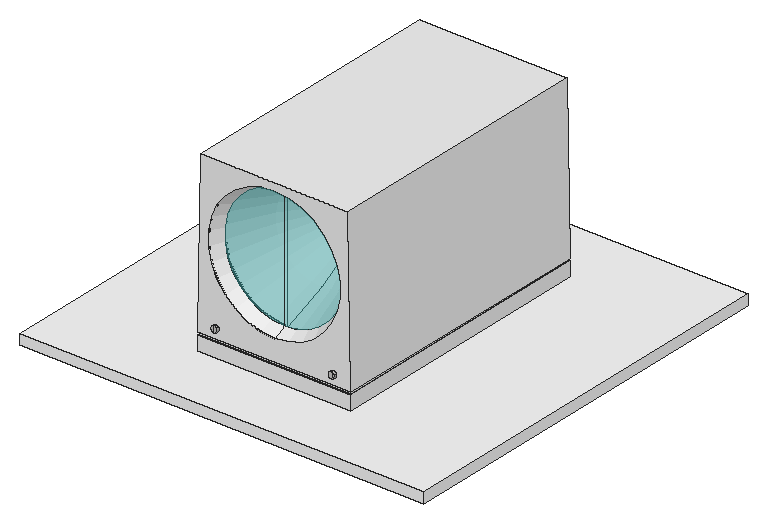
Revit family "BE_24593_de_DE", category Leuchten, Revit 2015
Parameters (values of type "BEGA_24593_Weiß_K4")
  built-in parameter 1150104 = 12.443 (stored number, unit not read)
  Wattage = 33 W
  Default Elevation = 0 mm
  built-in parameter 1150113 = 1 (stored number, unit not read)
  built-in parameter 1114218 = 1 (stored number, unit not read)
  Umgebungstemperatur = "25 °C"
  URL = "http://www.bega.de/produkt/24593"
  Typenkommentare = "© 2016 BEGA. Wir behalten uns das Recht vor, technische Änderungen ohne vorherige Ankündigung vorzunehmen."  # constant formula
  Type Image = 24593.png
  built-in parameter 1150134 = 12
  built-in parameter 1150109 = 1 (stored number, unit not read)
  Strom = ""
  built-in parameter 1150110 = 1 (stored number, unit not read)
  Spannung = 239.996 V
  Sonderanfertigung = no
  Seriennummer [instance] = "Hier können Sie die eindeutige Seriennummer für das Facility Management eintragen."
  Schutzklasse = "I"
  Schutzart = "IP 64"
  Scheinlast = 0 VA
  Produktdatenblatt = "http://www.bega.de/download/Xrfa/db/24593.db.de.pdf"
  Oberflächentemperatur = ""
  Neigungswinkel = 0.00°
  Modell = "24593WK4"
  Material_17 = BEGA_Reflektor
  Material_15 = BEGA_Leuchtmedium_matt
  Material_11 = BEGA_Glas_opal
  Material_09 = BEGA_Glas_klar
  Material_06 = BEGA_Oberfläche_Edelstahl_gebürstet
  Material_03 = BEGA_Oberfläche_Weiss_matt
  Material_02 = BEGA_Oberfläche_Silber_matt
  Material_01 [instance] = BEGA_Oberfläche_Grafit_matt
  M_W = yes
  M_G = no
  M_A = no
  Logo = 0
  built-in parameter 1114217 = 1 (stored number, unit not read)
  built-in parameter 1150139 = (empty or 0)
  built-in parameter 1150105 = 351.73 (stored number, unit not read)
  built-in parameter 1150114 = 1 (stored number, unit not read)
  Lumens = 4420.02 lm
  built-in parameter 1150115 = 1 (stored number, unit not read)
  Leuchtenlichtstrom = "3155 lm"
  Leuchtenanzahl = ""
  Lebensdauerkriterien = "L70 = 50.000 h"
  Lastklassifizierung = Beleuchtung
  built-in parameter 1150112 = 1 (stored number, unit not read)
  Lampenlichtstrom = "4420 lm"
  Lampe = "LED 33 W"
  LED_Modulbezeichnung = "2x LED-0683/840"
  built-in parameter 1150142 = (empty or 0)
  Hersteller = "BEGA"  # constant formula
  Halbstreuwinkel = ""
  Gewicht = "3.3 kg"
  Gebrauchslageneinschränkung [instance] = ""
  Frequenz = "0/50-60 Hz"
  Farbwiedergabeindex = "Ra > 80"
  Farbtemperaturverschiebung bei Dämpfen der Lampe = <Keine Auswahl>
  Farbtemperatur = "4000 K"
  Color Filter = 16777215
  built-in parameter 1150133 = 10 (stored number, unit not read)
  Energieeffizienzklasse = "LED A++ - A"
  built-in parameter 1150137 = (empty or 0)
  built-in parameter 1150132 = (empty or 0)
  ENEC = ""
  Dimmbar [instance] = "DALI"
  Datei für fotometrisches Netz = "BE_24593K4.IES"
  CE_Konformität = "ja"
  Bestellnummer = "24593WK4"
  Beschreibung_Sonderanfertigung = "Hier können Sie Informationen zur Sonderanfertigung eintragen."
  Beschreibung = "Wandleuchte"
  built-in parameter 1150106 = 3.5173 (stored number, unit not read)
  Befestigungsbohrung = "Ø 6 mm"
  Befestigungsabstand = "125 mm"
  Ballwurfsicher = ""
  BEGA_Intern_aus = yes
  BEGA_Intern_an = yes
  BEGA_Intern_Konstruktion = yes
  BEGA_Intern = yes
  BEGA_IES = yes
  BEGA_Dummy = no
  Anschlussleitung = ""
  Anschlussleistung [instance] = "38.4 W"
  built-in parameter 1150107 = 4000 (stored number, unit not read)
  built-in parameter 1150102 = (empty or 0)
  built-in parameter 1150138 = (empty or 0)
  Aktualisierung = "2016-10-24T04:21:34"
  Abstand_zur_angestrahlten_Fläche [instance] = ""
  AC/DC = "AC/DC"
Types (6, lengths in mm): name | built-in parameter 1150104 | built-in parameter 1150134 | Modell | M_W | M_G | M_A | built-in parameter 1150105 | Lumens | Leuchtenlichtstrom | Lampenlichtstrom | LED_Modulbezeichnung | Farbtemperatur | Datei für fotometrisches Netz | Bestellnummer | built-in parameter 1150106 | built-in parameter 1150107
  BEGA_24593_Grafit_K4 | 12.443 (stored number, unit not read) | 12 | "24593K4" | no | yes | no | 351.73 (stored number, unit not read) | 4420.02 lm | "3155 lm" | "4420 lm" | "2x LED-0683/840" | "4000 K" | "BE_24593K4.IES" | "24593K4" | 3.5173 (stored number, unit not read) | 4000 (stored number, unit not read)
  BEGA_24593_Silber_K4 | 12.443 (stored number, unit not read) | 12 | "24593AK4" | no | no | yes | 351.73 (stored number, unit not read) | 4420.02 lm | "3155 lm" | "4420 lm" | "2x LED-0683/840" | "4000 K" | "BE_24593K4.IES" | "24593AK4" | 3.5173 (stored number, unit not read) | 4000 (stored number, unit not read)
  BEGA_24593_Silber_K3 | 11.824 (stored number, unit not read) | (empty or 0) | "24593A" | no | no | yes | 334.22 (stored number, unit not read) | 4199.91 lm | "2998 lm" | "4200 lm" | "2x LED-0683/830" | "3000 K" | "BE_24593.IES" | "24593A" | 3.3422 (stored number, unit not read) | 3000 (stored number, unit not read)
  BEGA_24593_Weiß_K3 | 11.824 (stored number, unit not read) | (empty or 0) | "24593W" | yes | no | no | 334.22 (stored number, unit not read) | 4199.91 lm | "2998 lm" | "4200 lm" | "2x LED-0683/830" | "3000 K" | "BE_24593.IES" | "24593W" | 3.3422 (stored number, unit not read) | 3000 (stored number, unit not read)
  BEGA_24593_Weiß_K4 | 12.443 (stored number, unit not read) | 12 | "24593WK4" | yes | no | no | 351.73 (stored number, unit not read) | 4420.02 lm | "3155 lm" | "4420 lm" | "2x LED-0683/840" | "4000 K" | "BE_24593K4.IES" | "24593WK4" | 3.5173 (stored number, unit not read) | 4000 (stored number, unit not read)
  BEGA_24593_Grafit_K3 | 11.824 (stored number, unit not read) | (empty or 0) | "24593" | no | yes | no | 334.22 (stored number, unit not read) | 4199.91 lm | "2998 lm" | "4200 lm" | "2x LED-0683/830" | "3000 K" | "BE_24593.IES" | "24593" | 3.3422 (stored number, unit not read) | 3000 (stored number, unit not read)
Reference planes
  plane 1 "Mitte (Vorne/Hinten)": y = 0
  plane 2: z = 0
  plane 3 "Mitte (Links/Rechts)": x = 0
  plane 4 "Links": x = -75.806
  plane 5 "Rechts": x = 75.806
  plane 6 "Unten": y = -135.253
  plane 7 "Oben": y = 135.253
  plane 8 "Vorne": z = 175.5
  plane 9 "Hinten": z = 0
Forms (mm)
  Extrusion 1, solid, material "BEGA_Platte_Weiss"
    sketch origin (0, -1119.2, 0) x (1, 0, 0) y (0, 1, 0)
      loop
        line (-200, 1319.2) -> (-200, 919.2) -> (200, 919.2) -> (200, 1319.2) -> (-200, 1319.2)
    from 0 to -10
  Extrusion 2, solid, material "BEGA_Dummy_matt", visible <- "BEGA_Dummy"
    sketch origin (57.209, -76.276, 0) x (1, 0, 0) y (0, 1, 0)
      loop
        line (-133.015, 211.276) -> (-133.015, -58.977) -> (18.597, -58.977) -> (18.597, 211.276) -> (-133.015, 211.276)
    from 0 to 175.5
Dimensions and locks
  plane 1 "Mitte (Vorne/Hinten)" to Extrusion 1 = 200 mm
  aligned and locked: plane 2 to Extrusion 1
  aligned and locked: level to Extrusion 1
Nested families
  nested 1: "BE_24593" at (0, 0, 0) x (0, -1, 0) z (0, 0, 1), type "BE_24593"
Connectors
  electrical at (0, 0, 0), driven by "Lastklassifizierung", driven by "Spannung", driven by "Scheinlast"
    settings: index 1, voltage 239.996 V, apparent load 0 VA, apparent load phase1 0 VA, apparent load phase2 0 VA, apparent load phase3 0 VA, power factor 1, load classification "Beleuchtung", number of poles 1, system type 31, power factor state 1, is connector primary yes, connector utility no, sub classification motor no, connector description ""
Definition of nested family "BE_24593"
  Parameters (values of type "BE_24593")
    Default Elevation = 1 mm
    URL = "http://www.bega.de/de/produkt"
    Type Comments = "© 2015 BEGA. Wir behalten uns das Recht vor, technische Änderungen ohne vorherige Ankündigung vorzunehmen. "  # constant formula
    Type Image = (empty or 0)
    Material_17 = none
    Material_15 = none
    Material_11 = none
    Material_09 = none
    Material_06 = none
    Material_03 = none
    Material_02 = none
    Material_01 = none
    M_W = yes
    M_G = yes
    M_A = yes
    Länge_Platte = 300 mm  # constant formula
    Höhe_Platte = -10 mm  # constant formula
    Manufacturer = "BEGA"  # constant formula
    Breite_Platte = 200 mm  # constant formula
  Reference planes
    plane 1 "Mitte (Oben/Unten)": y = 0
    plane 2: z = 0
    plane 3 "Mitte (Links/Rechts)": x = 0
    plane 4 "Unten": y = -75.806
    plane 5: x = -135.253
    plane 6: x = 135.253
    plane 7: z = 175.5
    plane 8: y = 75.806
  Forms (mm)
    Extrusion 1, solid, detail levels medium
      sketch origin (0, 0, 0) x (1, 0, 0) y (0, 1, 0)
        loop
          line (-150, 100) -> (-150, -100) -> (150, -100) -> (150, 100) -> (-150, 100)
      from 0 to -10 <- "Höhe_Platte"
    Extrusion 2, solid, material <- "Material_01", visible <- "M_G", detail levels medium+fine
      sketch origin (0, 0, 0) x (1, 0, 0) y (0, 0, 1)
        loop
          line (135, 175.5) -> (-135, 175.5) -> (-135, 16.471) -> (-124.509, 16.471) -> (-124.509, 172.5) -> (122.759, 172.5) -> (122.759, 16.471) -> (135, 16.471) -> (135, 175.5)
      from -75.553 to 75.553
    Extrusion 3, solid, material <- "Material_01", visible <- "M_G", detail levels medium+fine
      sketch origin (0, 0, 0) x (0, 1, 0) y (0, 0, 1)
        loop
          line (-75.553, 175.5) -> (-75.553, 16.471) -> (-70.41, 16.471) -> (-70.41, 175.5) -> (-75.553, 175.5)
        loop
          line (75.553, 175.5) -> (70.41, 175.5) -> (70.41, 16.471) -> (75.553, 16.471) -> (75.553, 175.5)
      from -135 to 133
    Sweep 4, solid, material <- "Material_01", visible <- "M_G", detail levels medium+fine
      path in 3D
        loop
          line (135, 75.553, 175.5) -> (-135, 75.553, 175.5) -> (-135, -75.553, 175.5) -> (135, -75.553, 175.5) -> (135, 75.553, 175.5)
      profile origin (135, 0, 175.5) x (-1, 0, 0) y (0, 0, 1)
        loop
          line (0, -161) -> (-0.253, -175.5) -> (3.5, -175.5) -> (4.029, -160.346) -> (69.21, -160.346) -> (69.21, -156) -> (3.859, -156) -> (0.83, -159.029) -> (0.83, -161) -> (0, -161)
    Extrusion 5, solid, material <- "Material_01", visible <- "M_G", detail levels medium+fine
      sketch origin (0, 0, 0) x (1, 0, 0) y (0, 1, 0)
        loop
          line (65.79, 6.343) -> (-65.79, 6.343) -> (-65.79, -6.343) -> (65.79, -6.343) -> (65.79, 6.343)
      from 15.154 to 19.5
    Revolve 6, void
      sketch origin (0, 0, 0) x (1, 0, 0) y (0, 0, 1)
        loop
          line (-135, 169.882) -> (-135, 103) -> (-124.44, 103) -> (-124.44, 165.581) -> (-130.8, 165.581) -> (-130.8, 168.26) -> (-135, 169.882)
        axis (-135, 103) -> (-124.44, 103)
      angle from 0 to 360
    Revolve 7, void
      sketch origin (0, 0, 0) x (1, 0, 0) y (0, 0, 1)
        loop
          line (122.074, 162.473) -> (122.074, 103) -> (135.914, 103) -> (135.914, 168.926) -> (122.074, 162.473)
        axis (122.074, 103) -> (135.914, 103)
      angle from 0 to 360
    Revolve 8, solid, material <- "Material_09", detail levels medium+fine
      sketch origin (0, 0, 0) x (1, 0, 0) y (0, 0, 1)
        loop
          line (-130.8, 168) -> (-134.8, 168) -> (-134.8, 102.998) -> (-130.8, 102.998) -> (-130.8, 168)
        axis (-134.8, 102.998) -> (-130.8, 102.998)
      angle from 0 to 360
    Revolve 9, solid, material <- "Material_09", detail levels medium+fine
      sketch origin (253.559, 0, 0) x (1, 0, 0) y (0, 0, 1)
        loop
          line (-130.8, 168) -> (-134.8, 168) -> (-134.8, 102.998) -> (-130.8, 102.998) -> (-130.8, 168)
        axis (-134.8, 102.998) -> (-130.8, 102.998)
      angle from 0 to 360
    Revolve 10, solid, material <- "Material_17", detail levels medium+fine
      sketch origin (0, 0, 0) x (1, 0, 0) y (0, 0, 1)
        loop
          line (-43.461, 108.7) -> (-42.457, 108.674) -> (-43.5, 125.721)
          arc (-43.5, 125.721) -> (-81.904, 148.683) -> (-123.399, 165.425) r 288.248
          line (-123.399, 165.425) -> (-123.399, 170.811) -> (-124.446, 170.811) -> (-124.446, 164.823)
          arc (-124.446, 164.823) -> (-82.915, 148.125) -> (-44.47, 125.198) r 288.248
          line (-44.47, 125.198) -> (-43.461, 108.7)
        axis (-42.457, 102.974) -> (-124.446, 102.974)
      angle from 0 to 360
    Revolve 11, solid, material <- "Material_17", detail levels medium+fine
      sketch origin (-5.687, 0, 0) x (-1, 0, 0) y (0, 0, 1)
        loop
          line (-43.461, 108.7) -> (-42.457, 108.674) -> (-43.5, 125.721)
          arc (-43.5, 125.721) -> (-81.904, 148.683) -> (-123.399, 165.425) r 288.248
          line (-123.399, 165.425) -> (-123.399, 170.811) -> (-124.446, 170.811) -> (-124.446, 164.823)
          arc (-124.446, 164.823) -> (-82.915, 148.125) -> (-44.47, 125.198) r 288.248
          line (-44.47, 125.198) -> (-43.461, 108.7)
        axis (-42.457, 102.974) -> (-124.446, 102.974)
      angle from 0 to 360
    Revolve 12, solid, material <- "Material_15", detail levels medium+fine
      sketch origin (0, 0, 0) x (1, 0, 0) y (0, 0, 1)
        loop
          line (-40.827, 97.976) -> (-39.967, 97.976) -> (-39.967, 102.976) -> (-40.827, 102.976) -> (-40.827, 97.976)
        axis (-40.827, 102.976) -> (-39.827, 102.976)
      angle from 0 to 360
    Revolve 13, solid, material <- "Material_15", detail levels medium+fine
      sketch origin (74.883, 0, 0) x (1, 0, 0) y (0, 0, 1)
        loop
          line (-40.827, 97.976) -> (-39.967, 97.976) -> (-39.967, 102.976) -> (-40.827, 102.976) -> (-40.827, 97.976)
        axis (-40.827, 102.976) -> (-39.827, 102.976)
      angle from 0 to 360
    Revolve 14, solid, material <- "Material_06", detail levels fine
      sketch origin (0, -58, 0) x (1, 0, 0) y (0, 0, 1)
        loop
          line (137.141, 29.3) -> (135, 29.3) -> (135, 26.3) -> (137.141, 26.3) -> (137.141, 29.3)
        axis (135, 26.3) -> (137.141, 26.3)
      angle from 0 to 360
    Revolve 15, solid, material <- "Material_06", detail levels fine
      sketch origin (0, 58, 0) x (1, 0, 0) y (0, 0, -1)
        loop
          line (137.141, -29.3) -> (137.141, -26.3) -> (135, -26.3) -> (135, -29.3) -> (137.141, -29.3)
        axis (135, -26.3) -> (137.141, -26.3)
      angle from 0 to 360
    Sweep 16, solid, material <- "Material_02", visible <- "M_A", detail levels medium+fine
      path in 3D
        loop
          line (135, 75.553, 175.5) -> (-135, 75.553, 175.5) -> (-135, -75.553, 175.5) -> (135, -75.553, 175.5) -> (135, 75.553, 175.5)
      profile origin (135, 0, 175.5) x (-1, 0, 0) y (0, 0, 1)
        loop
          line (0, -161) -> (-0.253, -175.5) -> (3.5, -175.5) -> (4.029, -160.346) -> (69.21, -160.346) -> (69.21, -156) -> (3.859, -156) -> (0.83, -159.029) -> (0.83, -161) -> (0, -161)
    Extrusion 17, solid, material <- "Material_02", visible <- "M_A", detail levels medium+fine
      sketch origin (0, 0, 0) x (1, 0, 0) y (0, 1, 0)
        loop
          line (65.79, 6.343) -> (-65.79, 6.343) -> (-65.79, -6.343) -> (65.79, -6.343) -> (65.79, 6.343)
      from 15.154 to 19.5
    Sweep 18, solid, material <- "Material_03", visible <- "M_W", detail levels medium+fine
      path in 3D
        loop
          line (135, 75.553, 175.5) -> (-135, 75.553, 175.5) -> (-135, -75.553, 175.5) -> (135, -75.553, 175.5) -> (135, 75.553, 175.5)
      profile origin (135, 0, 175.5) x (-1, 0, 0) y (0, 0, 1)
        loop
          line (0, -161) -> (-0.253, -175.5) -> (3.5, -175.5) -> (4.029, -160.346) -> (69.21, -160.346) -> (69.21, -156) -> (3.859, -156) -> (0.83, -159.029) -> (0.83, -161) -> (0, -161)
    Extrusion 19, solid, material <- "Material_03", visible <- "M_W", detail levels medium+fine
      sketch origin (0, 0, 0) x (1, 0, 0) y (0, 1, 0)
        loop
          line (65.79, 6.343) -> (-65.79, 6.343) -> (-65.79, -6.343) -> (65.79, -6.343) -> (65.79, 6.343)
      from 15.154 to 19.5
    Extrusion 20, solid, material <- "Material_02", visible <- "M_A", detail levels medium+fine
      sketch origin (0, 0, 0) x (1, 0, 0) y (0, 0, 1)
        loop
          line (135, 175.5) -> (-135, 175.5) -> (-135, 16.471) -> (-124.509, 16.471) -> (-124.509, 172.5) -> (122.759, 172.5) -> (122.759, 16.471) -> (135, 16.471) -> (135, 175.5)
      from -75.553 to 75.553
    Extrusion 21, solid, material <- "Material_02", visible <- "M_A", detail levels medium+fine
      sketch origin (0, 0, 0) x (0, 1, 0) y (0, 0, 1)
        loop
          line (-75.553, 175.5) -> (-75.553, 16.471) -> (-70.41, 16.471) -> (-70.41, 175.5) -> (-75.553, 175.5)
        loop
          line (75.553, 175.5) -> (70.41, 175.5) -> (70.41, 16.471) -> (75.553, 16.471) -> (75.553, 175.5)
      from -135 to 133
    Extrusion 22, solid, material <- "Material_03", visible <- "M_W", detail levels medium+fine
      sketch origin (0, 0, 0) x (1, 0, 0) y (0, 0, 1)
        loop
          line (135, 175.5) -> (-135, 175.5) -> (-135, 16.471) -> (-124.509, 16.471) -> (-124.509, 172.5) -> (122.759, 172.5) -> (122.759, 16.471) -> (135, 16.471) -> (135, 175.5)
      from -75.553 to 75.553
    Extrusion 23, solid, material <- "Material_03", visible <- "M_W", detail levels medium+fine
      sketch origin (0, 0, 0) x (0, 1, 0) y (0, 0, 1)
        loop
          line (-75.553, 175.5) -> (-75.553, 16.471) -> (-70.41, 16.471) -> (-70.41, 175.5) -> (-75.553, 175.5)
        loop
          line (75.553, 175.5) -> (70.41, 175.5) -> (70.41, 16.471) -> (75.553, 16.471) -> (75.553, 175.5)
      from -135 to 133
    Extrusion 24, void
      sketch origin (0, 0, 0) x (1, 0, 0) y (0, 1, 0)
        loop
          circle (0, 62.5) r 2.895
        loop
          circle (0, -62.5) r 2.895
        loop
          circle (13, 42) r 8.5
        loop
          circle (-13, 42) r 8.5
      from 0 to 29
    Extrusion 25, void
      sketch origin (0, 0, 0) x (0, 1, 0) y (0, 0, 1)
        loop
          line (-75.553, 16.471) -> (-72.673, 181.446) -> (-75.553, 181.446) -> (-75.553, 16.471)
        loop
          line (75.553, 16.471) -> (75.553, 181.446) -> (72.673, 181.446) -> (75.553, 16.471)
      from -137 to 137.141
  Cuts and joins
    Revolve 6, Revolve 7, Extrusion 24, Extrusion 25 cuts Extrusion 2
    Revolve 6, Revolve 7, Extrusion 24, Extrusion 25 cuts Extrusion 3
    joined: Extrusion 2, Extrusion 3
    Extrusion 24 cuts Sweep 4
    Extrusion 24 cuts Extrusion 5
    joined: Sweep 4, Extrusion 5
    Extrusion 24 cuts Sweep 16
    Extrusion 24 cuts Extrusion 17
    joined: Sweep 16, Extrusion 17
    Extrusion 24 cuts Sweep 18
    Extrusion 24 cuts Extrusion 19
    joined: Sweep 18, Extrusion 19
    Revolve 6, Revolve 7, Extrusion 24, Extrusion 25 cuts Extrusion 20
    Extrusion 24, Extrusion 25 cuts Extrusion 21
    joined: Extrusion 20, Extrusion 21
    Revolve 6, Revolve 7, Extrusion 24, Extrusion 25 cuts Extrusion 22
    Extrusion 24, Extrusion 25 cuts Extrusion 23
    joined: Extrusion 22, Extrusion 23
  Lines and regions (mm)
    sketch lines
      curve 1: line (135, -75.553, 175.5) -> (135, 75.553, 175.5)
      curve 2: line (-135, 75.553, 175.5) -> (135, 75.553, 175.5)
      curve 3: line (-135, -75.553, 175.5) -> (-135, 75.553, 175.5)
      curve 4: line (135, -75.553, 175.5) -> (-135, -75.553, 175.5)
      curve 5: line (135, -75.553, 175.5) -> (135, 75.553, 175.5)
      curve 6: line (-135, 75.553, 175.5) -> (135, 75.553, 175.5)
      curve 7: line (-135, -75.553, 175.5) -> (-135, 75.553, 175.5)
      curve 8: line (135, -75.553, 175.5) -> (-135, -75.553, 175.5)
      curve 9: line (135, -75.553, 175.5) -> (135, 75.553, 175.5)
      curve 10: line (-135, 75.553, 175.5) -> (135, 75.553, 175.5)
      curve 11: line (-135, -75.553, 175.5) -> (-135, 75.553, 175.5)
      curve 12: line (135, -75.553, 175.5) -> (-135, -75.553, 175.5)
  Dimensions and locks
    equal spacing: Extrusion 1 sketch curve, plane 3 "Mitte (Links/Rechts)", Extrusion 1 sketch curve
    equal spacing: Extrusion 1 sketch curve, plane 1 "Mitte (Oben/Unten)", Extrusion 1 sketch curve
    "Länge_Platte": Extrusion 1 sketch curve to Extrusion 1 sketch curve
    "Breite_Platte": Extrusion 1 sketch curve to Extrusion 1 sketch curve
    aligned and locked: Extrusion 1 to plane 2
    aligned and locked: level to Extrusion 1
  Automatic sketch dimensions
    level to Extrusion 3 sketch curve = 16.471 mm  (x2)
    plane 1 "Mitte (Oben/Unten)" to Extrusion 3 sketch curve = 75.553 mm
    Extrusion 3 sketch curve to Extrusion 3 sketch curve = 5.144 mm  (x2)
    Extrusion 3 sketch curve to plane 1 "Mitte (Oben/Unten)" = 70.41 mm
    Sweep 4 sketch curve to profile plane = 0 mm
    profile plane to Sweep 4 sketch curve = 0.253 mm
    Sweep 4 sketch curve to profile plane = 0.83 mm
    Sweep 4 sketch curve to profile plane = 3.5 mm
    Sweep 4 sketch curve to profile plane = 3.859 mm
    Sweep 4 sketch curve to Sweep 4 sketch curve = 3.199 mm
    Sweep 4 sketch curve to Sweep 4 sketch curve = 65.181 mm
    Sweep 4 sketch curve to profile plane = 175.5 mm
    Sweep 4 sketch curve to Sweep 4 sketch curve = 14.5 mm
    Sweep 4 sketch curve to Sweep 4 sketch curve = 15.154 mm
    Sweep 4 sketch curve to Sweep 4 sketch curve = 1.971 mm
    Sweep 4 sketch curve to Sweep 4 sketch curve = 3.029 mm
    plane 1 "Mitte (Oben/Unten)" to Extrusion 5 sketch curve = 6.343 mm
    Extrusion 5 sketch curve to plane 3 "Mitte (Links/Rechts)" = 65.79 mm
    plane 3 "Mitte (Links/Rechts)" to Extrusion 5 sketch curve = 65.79 mm
    Extrusion 5 sketch curve to plane 1 "Mitte (Oben/Unten)" = 6.343 mm
    Revolve 6 sketch curve to Revolve 6 sketch curve = 4.2 mm
    Revolve 6 sketch curve to Revolve 6 sketch curve = 10.56 mm
    Revolve 6 sketch curve to Revolve 6 sketch curve = 2.679 mm
    Revolve 6 sketch curve to Revolve 6 sketch curve = 62.581 mm
    Revolve 6 sketch curve to Revolve 6 sketch curve = 0 mm  (x3)
    Revolve 7 sketch curve to Revolve 7 sketch curve = 13.839 mm
    Revolve 7 sketch curve to Revolve 7 sketch curve = 59.473 mm
    Revolve 7 sketch curve to Revolve 7 sketch curve = 6.453 mm
    Revolve 7 sketch curve to Revolve 7 sketch curve = 0 mm  (x3)
    Revolve 8 sketch curve to Revolve 8 sketch curve = 4 mm
    Revolve 8 sketch curve to Revolve 8 sketch curve = 0 mm  (x3)
    Revolve 9 sketch curve to Revolve 9 sketch curve = 4 mm
    Revolve 9 sketch curve to Revolve 9 sketch curve = 0 mm  (x3)
    Revolve 10 sketch curve to Revolve 10 sketch curve = 0.708 mm
    Revolve 10 sketch curve to Revolve 10 sketch curve = 1.047 mm
    Revolve 10 sketch curve to plane 3 "Mitte (Links/Rechts)" = 44.47 mm
    Revolve 10 sketch curve to Revolve 10 sketch curve = 0.97 mm
    Revolve 10 sketch curve to Revolve 10 sketch curve = 1.009 mm
    Revolve 10 sketch curve to Revolve 10 sketch curve = 1.003 mm
    Revolve 10 sketch curve to Revolve 10 sketch curve = 5.387 mm
    Revolve 10 sketch curve to Revolve 10 sketch curve = 0.601 mm
    Revolve 10 sketch curve to Revolve 10 sketch curve = 39.704 mm
    Revolve 10 sketch curve to Revolve 10 sketch curve = 0.523 mm
    Revolve 10 sketch curve to Revolve 10 sketch curve = 16.498 mm
    Revolve 10 sketch curve to Revolve 10 sketch curve = 0.026 mm
    Revolve 10 sketch curve to Revolve 10 sketch curve = 5.775 mm
    Revolve 10 sketch curve to Revolve 10 sketch curve = 10.293 mm
    Revolve 10 sketch curve to Revolve 10 sketch curve = 5.726 mm
    Revolve 11 sketch curve to Revolve 11 sketch curve = 0.708 mm
    Revolve 11 sketch curve to Revolve 11 sketch curve = 1.047 mm
    Revolve 11 sketch curve to plane 3 "Mitte (Links/Rechts)" = 38.782 mm
    Revolve 11 sketch curve to Revolve 11 sketch curve = 0.97 mm
    Revolve 11 sketch curve to Revolve 11 sketch curve = 1.009 mm
    Revolve 11 sketch curve to Revolve 11 sketch curve = 1.003 mm
    Revolve 11 sketch curve to Revolve 11 sketch curve = 5.387 mm
    Revolve 11 sketch curve to Revolve 11 sketch curve = 0.601 mm
    Revolve 11 sketch curve to Revolve 11 sketch curve = 39.704 mm
    Revolve 11 sketch curve to Revolve 11 sketch curve = 0.523 mm
    Revolve 11 sketch curve to Revolve 11 sketch curve = 16.498 mm
    Revolve 11 sketch curve to Revolve 11 sketch curve = 0.026 mm
    Revolve 11 sketch curve to Revolve 11 sketch curve = 5.775 mm
    Revolve 11 sketch curve to Revolve 11 sketch curve = 10.293 mm
    Revolve 11 sketch curve to Revolve 11 sketch curve = 5.726 mm
    Revolve 12 sketch curve to plane 3 "Mitte (Links/Rechts)" = 40.827 mm
    Revolve 12 sketch curve to Revolve 12 sketch curve = 0.86 mm
    level to Revolve 12 sketch curve = 97.976 mm
    Revolve 12 sketch curve to Revolve 12 sketch curve = 5 mm
    Revolve 12 sketch curve to Revolve 12 sketch curve = 0 mm  (x3)
    plane 3 "Mitte (Links/Rechts)" to Revolve 13 sketch curve = 34.056 mm
    Revolve 13 sketch curve to Revolve 13 sketch curve = 0.86 mm
    level to Revolve 13 sketch curve = 97.976 mm
    Revolve 13 sketch curve to Revolve 13 sketch curve = 5 mm
    Revolve 13 sketch curve to Revolve 13 sketch curve = 0 mm  (x3)
    level to Revolve 14 sketch curve = 26.3 mm
    Revolve 14 sketch curve to Revolve 14 sketch curve = 2.141 mm
    Revolve 14 sketch curve to Revolve 14 sketch curve = 3 mm
    Revolve 14 sketch curve to Revolve 14 sketch curve = 0 mm  (x3)
    level to Revolve 15 sketch curve = 26.3 mm
    Revolve 15 sketch curve to Revolve 15 sketch curve = 2.141 mm
    Revolve 15 sketch curve to Revolve 15 sketch curve = 3 mm
    Revolve 15 sketch curve to Revolve 15 sketch curve = 0 mm  (x3)
    Extrusion 2 sketch curve to Extrusion 2 sketch curve = 10.491 mm
    Extrusion 2 sketch curve to Extrusion 2 sketch curve = 12.241 mm
    level to Extrusion 2 sketch curve = 16.471 mm  (x2)
    Sweep 16 sketch curve to profile plane = 0 mm
    profile plane to Sweep 16 sketch curve = 0.253 mm
    Sweep 16 sketch curve to profile plane = 0.83 mm
    Sweep 16 sketch curve to profile plane = 3.5 mm
    Sweep 16 sketch curve to profile plane = 3.859 mm
    Sweep 16 sketch curve to Sweep 16 sketch curve = 3.199 mm
    Sweep 16 sketch curve to Sweep 16 sketch curve = 65.181 mm
    Sweep 16 sketch curve to profile plane = 175.5 mm
    Sweep 16 sketch curve to Sweep 16 sketch curve = 14.5 mm
    Sweep 16 sketch curve to Sweep 16 sketch curve = 15.154 mm
    Sweep 16 sketch curve to Sweep 16 sketch curve = 1.971 mm
    Sweep 16 sketch curve to Sweep 16 sketch curve = 3.029 mm
    plane 1 "Mitte (Oben/Unten)" to Extrusion 17 sketch curve = 6.343 mm
    Extrusion 17 sketch curve to plane 3 "Mitte (Links/Rechts)" = 65.79 mm
    plane 3 "Mitte (Links/Rechts)" to Extrusion 17 sketch curve = 65.79 mm
    Extrusion 17 sketch curve to plane 1 "Mitte (Oben/Unten)" = 6.343 mm
    Sweep 18 sketch curve to profile plane = 0 mm
    profile plane to Sweep 18 sketch curve = 0.253 mm
    Sweep 18 sketch curve to profile plane = 0.83 mm
    Sweep 18 sketch curve to profile plane = 3.5 mm
    Sweep 18 sketch curve to profile plane = 3.859 mm
    Sweep 18 sketch curve to Sweep 18 sketch curve = 3.199 mm
    Sweep 18 sketch curve to Sweep 18 sketch curve = 65.181 mm
    Sweep 18 sketch curve to profile plane = 175.5 mm
    Sweep 18 sketch curve to Sweep 18 sketch curve = 14.5 mm
    Sweep 18 sketch curve to Sweep 18 sketch curve = 15.154 mm
    Sweep 18 sketch curve to Sweep 18 sketch curve = 1.971 mm
    Sweep 18 sketch curve to Sweep 18 sketch curve = 3.029 mm
    plane 1 "Mitte (Oben/Unten)" to Extrusion 19 sketch curve = 6.343 mm
    Extrusion 19 sketch curve to plane 3 "Mitte (Links/Rechts)" = 65.79 mm
    plane 3 "Mitte (Links/Rechts)" to Extrusion 19 sketch curve = 65.79 mm
    Extrusion 19 sketch curve to plane 1 "Mitte (Oben/Unten)" = 6.343 mm
    Extrusion 20 sketch curve to Extrusion 20 sketch curve = 10.491 mm
    Extrusion 20 sketch curve to Extrusion 20 sketch curve = 12.241 mm
    level to Extrusion 20 sketch curve = 16.471 mm  (x2)
    level to Extrusion 21 sketch curve = 16.471 mm  (x2)
    plane 1 "Mitte (Oben/Unten)" to Extrusion 21 sketch curve = 75.553 mm
    Extrusion 21 sketch curve to Extrusion 21 sketch curve = 5.144 mm  (x2)
    Extrusion 21 sketch curve to plane 1 "Mitte (Oben/Unten)" = 70.41 mm
    Extrusion 22 sketch curve to Extrusion 22 sketch curve = 10.491 mm
    Extrusion 22 sketch curve to Extrusion 22 sketch curve = 12.241 mm
    level to Extrusion 22 sketch curve = 16.471 mm  (x2)
    level to Extrusion 23 sketch curve = 16.471 mm  (x2)
    plane 1 "Mitte (Oben/Unten)" to Extrusion 23 sketch curve = 75.553 mm
    Extrusion 23 sketch curve to Extrusion 23 sketch curve = 5.144 mm  (x2)
    Extrusion 23 sketch curve to plane 1 "Mitte (Oben/Unten)" = 70.41 mm
    Extrusion 24 sketch curve to plane 3 "Mitte (Links/Rechts)" = 0 mm  (x2)
    Extrusion 24 sketch curve to plane 3 "Mitte (Links/Rechts)" = 13 mm
    plane 3 "Mitte (Links/Rechts)" to Extrusion 24 sketch curve = 13 mm
    plane 1 "Mitte (Oben/Unten)" to Extrusion 24 sketch curve = 62.5 mm
    Extrusion 24 sketch curve to plane 1 "Mitte (Oben/Unten)" = 42 mm
    Extrusion 24 sketch curve to Extrusion 24 sketch curve = 0 mm
    Extrusion 24 sketch curve to Extrusion 24 sketch curve = 20.5 mm
    level to Extrusion 25 sketch curve = 16.471 mm  (x2)
    plane 1 "Mitte (Oben/Unten)" to Extrusion 25 sketch curve = 75.553 mm
    Extrusion 25 sketch curve to Extrusion 25 sketch curve = 2.88 mm
    Extrusion 25 sketch curve to plane 1 "Mitte (Oben/Unten)" = 72.673 mm
    Extrusion 25 sketch curve to plane 1 "Mitte (Oben/Unten)" = 75.553 mm
    Extrusion 2 sketch curve to plane 3 "Mitte (Links/Rechts)" = 124.509 mm
    Revolve 6 sketch curve to plane 3 "Mitte (Links/Rechts)" = 135 mm
    Revolve 8 sketch curve to plane 3 "Mitte (Links/Rechts)" = 134.8 mm
    Revolve 10 sketch curve to Revolve 10 sketch curve = 78.929 mm
    Extrusion 20 sketch curve to plane 3 "Mitte (Links/Rechts)" = 124.509 mm
    Extrusion 22 sketch curve to plane 3 "Mitte (Links/Rechts)" = 124.509 mm
    plane 3 "Mitte (Links/Rechts)" to Extrusion 2 sketch curve = 122.759 mm
    plane 3 "Mitte (Links/Rechts)" to Revolve 7 sketch curve = 122.074 mm
    plane 3 "Mitte (Links/Rechts)" to Revolve 9 sketch curve = 118.759 mm
    Revolve 11 sketch curve to Revolve 11 sketch curve = 78.929 mm
    plane 3 "Mitte (Links/Rechts)" to Revolve 14 sketch curve = 135 mm
    plane 3 "Mitte (Links/Rechts)" to Revolve 15 sketch curve = 135 mm
    plane 3 "Mitte (Links/Rechts)" to Extrusion 20 sketch curve = 122.759 mm
    plane 3 "Mitte (Links/Rechts)" to Extrusion 22 sketch curve = 122.759 mm
    Revolve 6 sketch curve to Revolve 6 sketch curve = 1.622 mm
    Revolve 10 sketch curve to plane 3 "Mitte (Links/Rechts)" = 210.177 mm
    Revolve 11 sketch curve to plane 3 "Mitte (Links/Rechts)" = 204.49 mm
    Revolve 10 sketch curve to level = 110.159 mm
    level to Revolve 11 sketch curve = 110.159 mm
    Extrusion 2 sketch curve to plane 7 = 0 mm
    plane 7 to Extrusion 2 sketch curve = 3 mm
    plane 7 to Extrusion 3 sketch curve = 0 mm  (x2)
    plane 7 to Revolve 6 sketch curve = 72.5 mm
    plane 7 to Revolve 7 sketch curve = 72.5 mm
    plane 7 to Revolve 8 sketch curve = 72.502 mm
    plane 7 to Revolve 8 sketch curve = 7.5 mm
    plane 7 to Revolve 9 sketch curve = 72.502 mm
    plane 7 to Revolve 9 sketch curve = 7.5 mm
    Extrusion 20 sketch curve to plane 7 = 0 mm
    plane 7 to Extrusion 20 sketch curve = 3 mm
    plane 7 to Extrusion 21 sketch curve = 0 mm  (x2)
    Extrusion 22 sketch curve to plane 7 = 0 mm
    plane 7 to Extrusion 22 sketch curve = 3 mm
    plane 7 to Extrusion 23 sketch curve = 0 mm  (x2)
    Extrusion 25 sketch curve to plane 7 = 5.946 mm  (x2)
    radius of Extrusion 24 sketch curve = 2.895 mm  (x2)
    radius of Extrusion 24 sketch curve = 8.5 mm  (x2)
